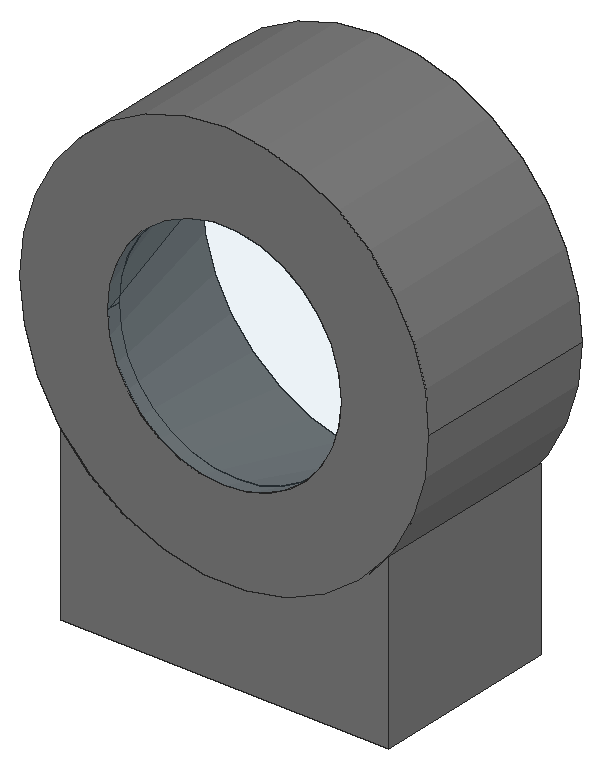
Revit family "Lighting-UrbanLighting-GEWISS-ELIA-OL-LED_APPLIQUE_WALLMOUNTED", category Apparecchi per illuminazione, host Superficie, Revit 2019
Family settings
  Host = Superficie
  Quota connettore circolare = Usa diametro
  Tipo di parte = Normale
  Taglio con vuoti quando caricato = No
  Sorgente d'illuminazione = Sì
  Condiviso = No
  Punto di calcolo locali = Sì
Parameters (values of type "GWF2100FR840 - ELIA OL ST AL ON/OFF 4000K BLACK")
  larghezza lampada = Lugnezza massima - 24 mm  # -4 mm
  Wiring = "With connection terminal"
  Wattage = 9.2903 W
  Warranty = "5 years"
  Visibilità etichetta [instance] = yes
  Visibilità simbolo [instance] = yes
  Visibilità lampada in pianta [instance] = yes
  Versions = "Standard Black"
  Version file RFA = "21.4"
  Variazione temperatura colore lampada con luminosità attenuata = <Nessuno>
  Unique digital code (Datamatrix) = "Currently not present"
  Unified Glare Rating = "UGR < 25"
  URL = "https://www.gewiss.com/ww/en"
  Type of light source = "LED - Not replaceable"
  Tilt- = "-"
  built-in parameter 1150107 = 3200 (stored number, unit not read)
  Technical sheet = "https://www.gewiss.com/ww/en/search?q=GWF2100FR840"
  Supply voltage = "100-240 V"
  Stocking temperature = "-20° +65°"
  Standards and approvals = "-"
  Standard- = "-"
  Standard Deviation Colour Matching = "SDCM = 5"
  Spostamento_x_effettivo [instance] = 4000 mm - Spostamento_x  # 4000 mm
  Spostamento_x [instance] = 0 mm
  Spostamento_y_effettivo [instance] = 4000 mm - Spostamento_y  # 4000 mm
  Spostamento_y [instance] = 0 mm
  Shock resistance = "IK08"
  Shield type = "Polycarbonate"
  Realized by GEWISS S.p.A. = ""
  Rated frequency (Hz) = "50/60 Hz"
  ROTAZIONE [instance] = 45
  Photobiological Risk Class = "RG0"
  built-in parameter 1150110 = 1 (stored number, unit not read)
  built-in parameter 1150109 = 1 (stored number, unit not read)
  built-in parameter 1114218 = 1 (stored number, unit not read)
  built-in parameter 1150112 = 1 (stored number, unit not read)
  POSIZIONE = 80000  # constant formula
  Overvoltage protection = "DM 0,5KV / CM 1KV"
  Optic and illuminating features = "-"
  Optic Maintenance = "Not available"
  Optic : = "-"
  Optic = "Wide opal"
  Operating temperature : = "-20° +45°"
  built-in parameter 1150142 = (empty or 0)
  Mouting and installation = "Wall mounting"
  built-in parameter 1150137 = (empty or 0)
  built-in parameter 1150132 = (empty or 0)
  Maximum surface exposed to the wind : = "-"
  Materials = "-"
  Luminaire = "LED luminaire for diffuse light"
  Lugnezza massima = 20 mm
  Default Elevation = 1219.2 mm
  Produttore = "GEWISS S.p.A."
  Nome quadro [instance] = "330W"
  Modello = "GWF2100FR840"
  Locking Hook = "-"
  Lifetime = "L80B50 (Tq25°C) = 50.000h"
  LED Maintenance = "Not available"
  built-in parameter 1150105 = 109.82 (stored number, unit not read)
  built-in parameter 1150102 = (empty or 0)
  Insulation class = "I"
  Installationa and maintenance = "-"
  Immagine tipo = EliaOL.jpg
  built-in parameter 1150106 = 1.0982 (stored number, unit not read)
  IPEA = "-"
  IP degree = "IP65"
  IDT = "30b4c0cd-5e0e-4ed9-a176-a58e6e2db9cb"
  IDF = "3b6412d1-6c2a-4f9d-8ab7-e3409a0bd29e"
  Glow Wire Test : = "750 °C"
  General information = "-"
  Gasket = "-"
  Lumens = 1380 lm
  Fixing = "Stainless steel support"
  Color Filter = 16777215
  File diagramma fotometrico = "generic"
  built-in parameter 1114217 = 1 (stored number, unit not read)
  built-in parameter 1150139 = (empty or 0)
  External screw = "-"
  Emetti da lunghezza linea = 609.6 mm
  Eletrical and lighting features = "-"
  Electrocod = "2419"
  built-in parameter 1150104 = 13.8 (stored number, unit not read)
  EAN code = "8034035077326"
  Driver failure rate = "F025 = 50.000h Tq 25°C"
  Driver Box = "Built-in"
  Driver = "Included"
  Distanza dal host [instance] = 0 mm
  built-in parameter 1150115 = 1 (stored number, unit not read)
  built-in parameter 1150114 = 1 (stored number, unit not read)
  built-in parameter 1150113 = 1 (stored number, unit not read)
  Device with reduced surface temperature = "-"
  Descrizione = "ELIA OL ST AL ON/OFF 4000K BLACK"
  DIN 18032-3 certification = "-"
  Control System = "Stand alone"
  Context = "Outdoor architectural lighting"
  Colour : = "-"
  Colour = "Black"
  built-in parameter 1150134 = 3
  built-in parameter 1150138 = (empty or 0)
  Color Rendering Index = "CRI>80"
  Classification: = "-"
  Catalogue = "LIGHTING"
  COBie.Tagnumber = ""
  COBie.CreatedOn = ""
  COBie.CreatebBy = ""
  COBie.ComponentRegisterItemID = ""
  COBie.Component.TagNumber = ""
  COBie.Component.Space = ""
  COBie.Component.SerialNumber = ""
  COBie.Component.InstallationDate = ""
  COBie.Component.Description = ""
  COBie.Component.BarCode = ""
  Body = "Die-cast aluminium -"
  Application = "External"
  Tilt Angle = 60.00°
  built-in parameter 1150133 = 10 (stored number, unit not read)
Types (6, lengths in mm): name | Versions | Technical sheet | Modello | IDT | EAN code | Descrizione | Colour
  GWF2100FR830 - ELIA OL ST AL ON/OFF 3000K BLACK | "Standard Black" | "https://www.gewiss.com/ww/en/search?q=GWF2100FR830" | "GWF2100FR830" | "0ec62ec6-f161-42b0-b560-61770186a336" | "8034035077319" | "ELIA OL ST AL ON/OFF 3000K BLACK" | "Black"
  GWF2100FR840 - ELIA OL ST AL ON/OFF 4000K BLACK | "Standard Black" | "https://www.gewiss.com/ww/en/search?q=GWF2100FR840" | "GWF2100FR840" | "30b4c0cd-5e0e-4ed9-a176-a58e6e2db9cb" | "8034035077326" | "ELIA OL ST AL ON/OFF 4000K BLACK" | "Black"
  GWF2100FR857 - ELIA OL ST AL ON/OFF 5700K BLACK | "Standard Black" | "https://www.gewiss.com/ww/en/search?q=GWF2100FR857" | "GWF2100FR857" | "23292182-ba02-48fa-8076-ee4c60eff230" | "8034035077333" | "ELIA OL ST AL ON/OFF 5700K BLACK" | "Black"
  GWF2110FR830 - ELIA OL ST AL ON/OFF 3000K WHITE | "Standard White" | "https://www.gewiss.com/ww/en/search?q=GWF2110FR830" | "GWF2110FR830" | "b2d51103-1f0c-497b-8fe5-a0aa5a3b7783" | "8034035077340" | "ELIA OL ST AL ON/OFF 3000K WHITE" | "White"
  GWF2110FR840 - ELIA OL ST AL ON/OFF 4000K WHITE | "Standard White" | "https://www.gewiss.com/ww/en/search?q=GWF2110FR840" | "GWF2110FR840" | "bfac5076-3fbf-491e-a817-455913e02d01" | "8034035077357" | "ELIA OL ST AL ON/OFF 4000K WHITE" | "White"
  GWF2110FR857 - ELIA OL ST AL ON/OFF 5700K WHITE | "Standard White" | "https://www.gewiss.com/ww/en/search?q=GWF2110FR857" | "GWF2110FR857" | "76171953-cab9-47e1-8155-4be16dac29fa" | "8034035077364" | "ELIA OL ST AL ON/OFF 5700K WHITE" | "White"
Reference planes
  plane 1 "Centro (Fronte/Retro)": y = 0
  plane 2: z = 0
  plane 3 "Centro (Sinistra/Destra)": x = 0
  plane 4: x = -4000
  plane 5: x = 0
  plane 6: x = 0
  plane 7: y = -4000
  plane 8: y = 0
  plane 9 "a": through (0, -290.182, 34.975) normal (0, -0.7071, 0.7071)
  plane 10: through (-235.047, -128.222, 1219.2) normal (-0.9563, 0.2924, 0)
  plane 11: through (-40, -89.462, 1219.2) normal (0.1564, 0.9877, 0)
  plane 12: through (239.503, 190.64, 1219.2) normal (0.9563, -0.2924, 0)
Dimensions and locks
  plane 4 to plane 3 "Centro (Sinistra/Destra)" = 4000 mm  (x2)
  "Spostamento_x_effettivo": plane 4 to plane 5
  "Spostamento_x_effettivo": plane 6 to plane 4
  "Spostamento_y_effettivo": plane 8 to plane 7
  plane 1 "Centro (Fronte/Retro)" to plane 7 = 4000 mm
  angle plane 11 to plane 12 = 82.00°  (x2)
  angle plane 10 to plane 11 = 98.00°
  aligned and locked: plane 2 to host face
  aligned and locked: level to host face
  aligned and locked: plane 6 to nested 1
  aligned and locked: nested 1 to plane 8
  aligned and locked: plane 8 to imposter light
Automatic sketch dimensions
  host sketch curve to host sketch curve = 2438.4 mm  (x2)
Nested families
  nested 1: "Etichetta light" at (0, 0, 0), visible <- "Visibilità etichetta", type "Etichetta light"
  nested 2: "ELIA OL_Base" at (0, 0, 0), type "ELIA OL_Base"
Definition of nested family "ELIA OL_Base"
  Parameters (values of type "ELIA OL_Base")
    led = none
    h_lampada = 58 mm
    d4 = 120 mm
    d3 = 80 mm
    d2 = 140 mm
    d1 = 90 mm
    Finitura struttura = none
  Reference planes
    plane 1 "Centro (Fronte/Retro)": y = 0
    plane 2: z = 0
    plane 3 "Centro (Sinistra/Destra)": x = 0
    plane 4: z = 7.141
    plane 5: z = 65.141
    plane 6: x = -56
    plane 7: x = 56
    plane 8: z = 56.217
    plane 9: x = -40
    plane 10: x = 40
  Forms (mm)
    Extrusion 1, solid, material <- "Finitura struttura"
      sketch origin (0, 0, 100.609) x (1, 0, 0) y (0, 0, -1)
        loop
          line (-56, 100.609) -> (-56, 42)
          arc (-56, 42) -> (0, 70) -> (56, 42) r 70
          line (56, 42) -> (56, 100.609) -> (-56, 100.609)
      from 0 to 65.141
    Extrusion 2, solid, material <- "Finitura struttura"
      sketch origin (0, 0, 100.609) x (1, 0, 0) y (0, 0, -1)
        loop
          circle (0, 0) r 70
      from 0 to 65.141
    Blend 3, void
      base sketch origin (0, 0, 100.609) x (1, 0, 0) y (0, 0, -1)
        loop
          circle (0, 0) r 40
      top sketch origin (0, 0, 100.609) x (1, 0, 0) y (0, 0, -1)
        loop
          circle (0, 0) r 60
      from 0 to 65.141
    Extrusion 4, solid, material <- "led"
      sketch origin (0, 15.304, 100.609) x (1, 0, 0) y (0, 0, -1)
        loop
          circle (0, 0) r 40
      from -15.304 to -10.304
    Extrusion 5, solid, material <- "Finitura struttura", not visible
      sketch origin (0, 0, 100.609) x (1, 0, 0) y (0, 0, -1)
        loop
          line (-56, 100.609) -> (-56, 42)
          arc (-56, 42) -> (0, 70) -> (56, 42) r 70
          line (56, 42) -> (56, 100.609) -> (-56, 100.609)
      from 0 to 65.141
    Extrusion 6, solid, material <- "Finitura struttura", not visible
      sketch origin (0, 0, 100.609) x (1, 0, 0) y (0, 0, -1)
        loop
          circle (0, 0) r 70
      from 0 to 65.141
    Blend 7, void, not visible
      base sketch origin (0, 0, 100.609) x (1, 0, 0) y (0, 0, -1)
        loop
          circle (0, 0) r 40
      top sketch origin (0, 0, 100.609) x (1, 0, 0) y (0, 0, -1)
        loop
          circle (0, 0) r 60
      from 0 to 65.141
    Extrusion 8, solid, material <- "led", not visible
      sketch origin (0, 15.304, 100.609) x (1, 0, 0) y (0, 0, -1)
        loop
          circle (0, 0) r 40
      from 0 to 7.141
  Cuts and joins
    Blend 3 cuts Extrusion 2
  Dimensions and locks
    locked: plane 4 to plane 2 at 7.141
    "h_lampada": plane 5 to plane 4
    equal spacing: plane 6, plane 3 "Centro (Sinistra/Destra)", plane 7
    plane 6 to plane 7 = 112 mm
    locked: plane 5 to plane 8 at 8.924
    "d3": diameter of Blend 3 sketch curve
    "d4": diameter of Blend 3 sketch curve
    "d3": diameter of Extrusion 4 sketch curve
    "d3": diameter of Blend 7 sketch curve
    "d4": diameter of Blend 7 sketch curve
    "d3": diameter of Extrusion 8 sketch curve
    aligned and locked: level to plane 2
    aligned and locked: plane 3 "Centro (Sinistra/Destra)" to Extrusion 4 sketch curve
    aligned and locked: plane 3 "Centro (Sinistra/Destra)" to Extrusion 2 sketch curve
    aligned and locked: plane 1 "Centro (Fronte/Retro)" to Extrusion 4
  Automatic sketch dimensions
    Extrusion 1 sketch curve to Extrusion 1 sketch curve = 56 mm  (x2)
    Extrusion 1 sketch curve to Extrusion 1 sketch curve = 42 mm
    Extrusion 1 sketch curve to Extrusion 1 sketch curve = 58.609 mm
    Extrusion 5 sketch curve to Extrusion 5 sketch curve = 56 mm  (x2)
    Extrusion 5 sketch curve to Extrusion 5 sketch curve = 42 mm
    Extrusion 5 sketch curve to Extrusion 5 sketch curve = 58.609 mm
    Extrusion 1 sketch curve to plane 6 = 0 mm
    Extrusion 1 sketch curve to level = 0 mm
    plane 5 to Extrusion 2 sketch curve = 35.468 mm
    Blend 3 sketch curve to plane 3 "Centro (Sinistra/Destra)" = 0 mm  (x2)
    plane 5 to Blend 3 sketch curve = 35.468 mm  (x2)
    plane 5 to Extrusion 4 sketch curve = 35.468 mm
    radius of Extrusion 2 sketch curve = 70 mm
    radius of Extrusion 6 sketch curve = 70 mm
Definition of nested family "Etichetta light"
  Parameters (values of type "ETICHETTA LIGHT")
    COMMENTI = "330W"
  Reference planes
    plane 1: y = 0
    plane 2: x = 0
  Text (mm)
    label "COMMENTI" at (-0.057, 0.105, 0), shows "COMMENTI"
